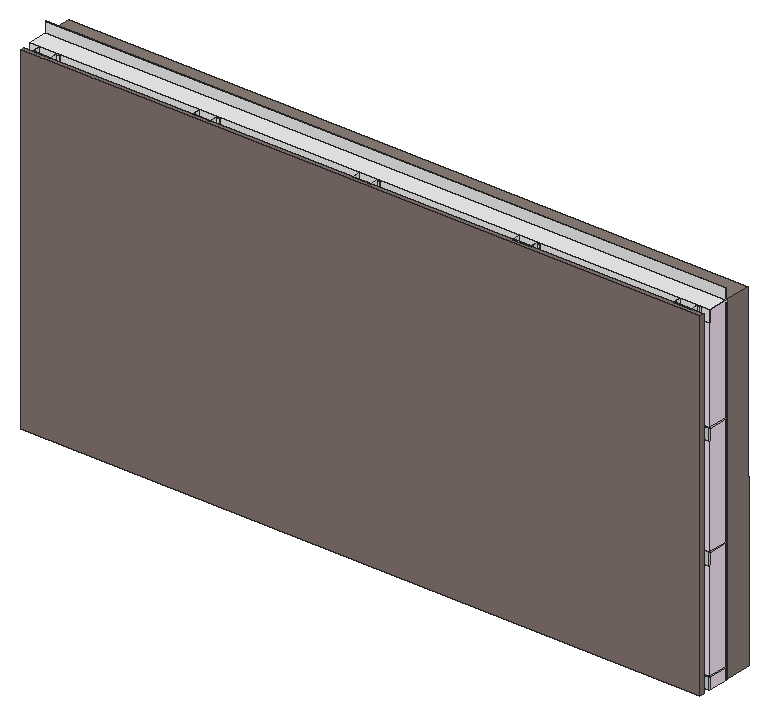
Revit family "Acrytec Panel - Fine Quartz", category Generic Models, Revit 2016
Family settings
  Part Type = Normal
  Can host rebar = No
  Round Connector Dimension = Use Diameter
  Work Plane-Based = No
  Always vertical = Yes
  Cut with Voids When Loaded = No
  Shared = No
  Room Calculation Point = No
Parameters
  panelHeight [instance] = 1220 mm
  Uninsulated Panel Type = not(Insulated Panel Type)  # no
  Insulated Panel Type = yes
  Vertical Girt Spacing [instance] = if(and(PanelWidth > 1799 mm, PanelWidth < 2301 mm), 1, (PanelWidth / 2) / 575 mm) + 1  # 3
  PanelWidth [instance] = 2440 mm
  PanelZGirt [instance] = 75 mm
  PanelThickness [instance] = PanelFinish + PanelZGirt + PanelHatSection  # 115.422 mm
  PanelHatSection [instance] = 25.383 mm
  PanelFinish [instance] = 15.04 mm
  Panel-A-CL-Offset = 382.729 mm
  Horizontal Girt Spacing [instance] = panelHeight / 400 mm  # 3
  Horizontal Girt Length [instance] = PanelWidth  # 2440 mm
  Terracotta = no
  Rustic Red = no
  Raven = no
  Mahogany = yes
  Light Grey = no
  Ivory = no
  Dark Grey = no
  Aqua Blue = no
Reference planes
  plane 1 "Center (Front/Back)": y = 0
  plane 2: z = 0
  plane 3 "Center (Left/Right)": x = 0
  plane 4: y = -75
  plane 5: y = -115.422
  plane 6: z = 1220
  plane 7: y = -100.383
  plane 8: x = -1220
  plane 9: x = 1220
Forms (mm)
  Extrusion 1, solid, material "00 - Fine Quartz_Aqua Blue", visible <- "Aqua Blue"
    sketch origin (0, 0, 0) x (1, 0, 0) y (0, 0, 1)
      loop
        line (-1220, 0) -> (1220, 0) -> (1220, 1220) -> (-1220, 1220) -> (-1220, 0)
    from 100.383 to 115.422
  Extrusion 2, solid, material "2016-31-moisture Membrane", visible <- "Insulated Panel Type"
    sketch origin (0, 0, 0) x (1, 0, 0) y (0, 0, 1)
      loop
        line (-1220, 0) -> (1220, 0) -> (1220, 1220) -> (-1220, 1220) -> (-1220, 0)
    from -1 to 0
  Extrusion 3, solid, material "2016-31-Standard Brick", visible <- "Insulated Panel Type"
    sketch origin (0, 0, 0) x (1, 0, 0) y (0, 0, 1)
      loop
        line (-1220, 0) -> (1220, 0) -> (1220, 1220) -> (-1220, 1220) -> (-1220, 0)
    from -100 to -1
  Extrusion 4, solid, material "00 - Fine Quartz_Dark Grey", visible <- "Dark Grey"
    sketch origin (0, 0, 0) x (1, 0, 0) y (0, 0, 1)
      loop
        line (1220, 0) -> (1220, 1220) -> (-1220, 1220) -> (-1220, 0) -> (1220, 0)
    from 100.383 to 115.422
  Extrusion 5, solid, material "00 - Fine Quartz_Ivory", visible <- "Ivory"
    sketch origin (0, 0, 0) x (1, 0, 0) y (0, 0, 1)
      loop
        line (1220, 0) -> (1220, 1220) -> (-1220, 1220) -> (-1220, 0) -> (1220, 0)
    from 100.383 to 115.422
  Extrusion 6, solid, material "00 - Fine Quartz_Light Grey", visible <- "Light Grey"
    sketch origin (0, 0, 0) x (1, 0, 0) y (0, 0, 1)
      loop
        line (1220, 0) -> (1220, 1220) -> (-1220, 1220) -> (-1220, 0) -> (1220, 0)
    from 100.383 to 115.422
  Extrusion 7, solid, material "00 - Fine Quartz_Mahogany", visible <- "Mahogany"
    sketch origin (0, 0, 0) x (1, 0, 0) y (0, 0, 1)
      loop
        line (1220, 0) -> (1220, 1220) -> (-1220, 1220) -> (-1220, 0) -> (1220, 0)
    from 100.383 to 115.422
  Extrusion 8, solid, material "00 - Fine Quartz_Raven", visible <- "Raven"
    sketch origin (0, 0, 0) x (1, 0, 0) y (0, 0, 1)
      loop
        line (1220, 0) -> (1220, 1220) -> (-1220, 1220) -> (-1220, 0) -> (1220, 0)
    from 100.383 to 115.422
  Extrusion 9, solid, material "00 - Fine Quartz_Rustic Red", visible <- "Rustic Red"
    sketch origin (0, 0, 0) x (1, 0, 0) y (0, 0, 1)
      loop
        line (1220, 0) -> (1220, 1220) -> (-1220, 1220) -> (-1220, 0) -> (1220, 0)
    from 100.383 to 115.422
  Extrusion 10, solid, material "00 - Fine Quartz_Terracotta", visible <- "Terracotta"
    sketch origin (0, 0, 0) x (1, 0, 0) y (0, 0, 1)
      loop
        line (1220, 0) -> (1220, 1220) -> (-1220, 1220) -> (-1220, 0) -> (1220, 0)
    from 100.383 to 115.422
  Extrusion 11, solid, material "2016-31-Galvanized-Aluminum 2014-T4", not visible
    sketch origin (0, 0, 0) x (1, 0, 0) y (0, 1, 0)
      loop
        line (-609.6, -75) -> (-609.6, -100.383) -> (-544.314, -100.383) -> (-544.314, -76) -> (-532.497, -76) -> (-532.497, -75) -> (-545.314, -75) -> (-545.314, -99.383) -> (-608.6, -99.383) -> (-608.6, -75) -> (-609.6, -75)
    from 0 to 2438.4
  Extrusion 12, solid, material "2016-31-Galvanized-Aluminum 2014-T4"
    sketch origin (571.049, 0, 0) x (1, 0, 0) y (0, 1, 0)
      loop
        line (-609.6, -75) -> (-609.6, -100.383) -> (-544.314, -100.383) -> (-544.314, -76) -> (-532.497, -76) -> (-532.497, -75) -> (-545.314, -75) -> (-545.314, -99.383) -> (-608.6, -99.383) -> (-608.6, -75) -> (-609.6, -75)
    from 0 to 1220 <- "panelHeight"
  Extrusion 13, solid, material "2016-31-Galvanized-Aluminum 2014-T4"
    sketch origin (1146.049, 0, 0) x (1, 0, 0) y (0, 1, 0)
      loop
        line (-609.6, -75) -> (-609.6, -100.383) -> (-544.314, -100.383) -> (-544.314, -76) -> (-532.497, -76) -> (-532.497, -75) -> (-545.314, -75) -> (-545.314, -99.383) -> (-608.6, -99.383) -> (-608.6, -75) -> (-609.6, -75)
    from 0 to 1220 <- "panelHeight"
  Extrusion 14, solid, material "2016-31-Galvanized-Aluminum 2014-T4"
    sketch origin (-3.951, 0, 0) x (1, 0, 0) y (0, 1, 0)
      loop
        line (-609.6, -75) -> (-609.6, -100.383) -> (-544.314, -100.383) -> (-544.314, -76) -> (-532.497, -76) -> (-532.497, -75) -> (-545.314, -75) -> (-545.314, -99.383) -> (-608.6, -99.383) -> (-608.6, -75) -> (-609.6, -75)
    from 0 to 1220 <- "panelHeight"
  Extrusion 15, solid, material "2016-31-Rigid Insulation", visible <- "Insulated Panel Type"
    sketch origin (47.064, -614.101, 42.626) x (0, 1, 0) y (-1, 0, 0)
      loop
        line (616.26, 1267.064) -> (542.259, 1267.064) -> (542.259, -1172.936) -> (616.26, -1172.936) -> (616.26, 1267.064)
    from -42.626 to 1177.374
  Extrusion 16, solid, material "2016-31-Galvanized-Aluminum 2014-T4", visible <- "Insulated Panel Type"
    sketch origin (-2162.5, 0, 785) x (0, 1, 0) y (0, 0, 1)
      loop
        line (0, 475) -> (-2.875, 475) -> (-2.875, 437.626) -> (-74.375, 437.626) -> (-74.375, 395) -> (-71.842, 395) -> (-71.842, 435) -> (0, 435) -> (0, 475)
    from 3382.5 to 942.5
  Extrusion 17, solid, material "2016-31-Galvanized-Aluminum 2014-T4", visible <- "Uninsulated Panel Type"
    sketch origin (0, 0, 20) x (0, 1, 0) y (0, 0, 1)
      loop
        line (-99.383, 1180) -> (-96.849, 1180) -> (-96.849, 1200) -> (-74.375, 1200) -> (-74.375, 1222.626) -> (-76.975, 1222.626) -> (-76.975, 1202.626) -> (-99.383, 1202.626) -> (-99.383, 1180)
    from -1220 to 1220
  Extrusion 18, solid, material "2016-31-moisture Membrane", visible <- "Uninsulated Panel Type"
    sketch origin (0, -74.375, 0) x (1, 0, 0) y (0, 0, 1)
      loop
        line (-1220, 0) -> (1220, 0) -> (1220, 1220) -> (-1220, 1220) -> (-1220, 0)
    from -1 to 0
  Extrusion 19, solid, material "2016-31-Standard Brick", visible <- "Uninsulated Panel Type"
    sketch origin (0, -74.375, 0) x (1, 0, 0) y (0, 0, 1)
      loop
        line (-1220, 0) -> (1220, 0) -> (1220, 1220) -> (-1220, 1220) -> (-1220, 0)
    from -100 to -1
  Extrusion 20, solid, material "2016-31-Galvanized-Aluminum 2014-T4"
    sketch origin (1721.049, 0, 0) x (1, 0, 0) y (0, 1, 0)
      loop
        line (-609.6, -75) -> (-609.6, -100.383) -> (-544.314, -100.383) -> (-544.314, -76) -> (-532.497, -76) -> (-532.497, -75) -> (-545.314, -75) -> (-545.314, -99.383) -> (-608.6, -99.383) -> (-608.6, -75) -> (-609.6, -75)
    from 0 to 1220 <- "panelHeight"
  Extrusion 21, solid, material "2016-31-Galvanized-Aluminum 2014-T4"
    sketch origin (-578.951, 0, 0) x (1, 0, 0) y (0, 1, 0)
      loop
        line (-609.6, -75) -> (-609.6, -100.383) -> (-544.314, -100.383) -> (-544.314, -76) -> (-532.497, -76) -> (-532.497, -75) -> (-545.314, -75) -> (-545.314, -99.383) -> (-608.6, -99.383) -> (-608.6, -75) -> (-609.6, -75)
    from 0 to 1220 <- "panelHeight"
Dimensions and locks
  equal spacing: Extrusion 1 sketch curve, plane 3 "Center (Left/Right)", Extrusion 1 sketch curve
  "panelHeight": Extrusion 1 sketch curve to Extrusion 1 sketch curve
  "PanelWidth": Extrusion 1 sketch curve to Extrusion 1 sketch curve
  "panelHeight": plane 6 to level
  "PanelWidth": Extrusion 1 to Extrusion 1
  "PanelFinish": Extrusion 1 to Extrusion 1
  "PanelZGirt": plane 4 to plane 1 "Center (Front/Back)"
  "PanelThickness": plane 5 to plane 1 "Center (Front/Back)"
  "PanelWidth": Extrusion 2 sketch curve to Extrusion 2 sketch curve
  Extrusion 2 sketch curve to Extrusion 2 sketch curve = 1220 mm
  Extrusion 2 sketch curve to Extrusion 2 sketch curve = 2440 mm
  "PanelWidth": Extrusion 3 sketch curve to Extrusion 3 sketch curve
  Extrusion 3 sketch curve to Extrusion 3 sketch curve = 1220 mm
  Extrusion 3 sketch curve to Extrusion 3 sketch curve = 2440 mm
  equal spacing: Extrusion 4 sketch curve, plane 3 "Center (Left/Right)", Extrusion 4 sketch curve
  "panelHeight": Extrusion 4 sketch curve to Extrusion 4 sketch curve
  "PanelWidth": Extrusion 4 sketch curve to Extrusion 4 sketch curve
  equal spacing: Extrusion 5 sketch curve, plane 3 "Center (Left/Right)", Extrusion 5 sketch curve
  "panelHeight": Extrusion 5 sketch curve to Extrusion 5 sketch curve
  "PanelWidth": Extrusion 5 sketch curve to Extrusion 5 sketch curve
  equal spacing: Extrusion 6 sketch curve, plane 3 "Center (Left/Right)", Extrusion 6 sketch curve
  "panelHeight": Extrusion 6 sketch curve to Extrusion 6 sketch curve
  "PanelWidth": Extrusion 6 sketch curve to Extrusion 6 sketch curve
  equal spacing: Extrusion 7 sketch curve, plane 3 "Center (Left/Right)", Extrusion 7 sketch curve
  "panelHeight": Extrusion 7 sketch curve to Extrusion 7 sketch curve
  "PanelWidth": Extrusion 7 sketch curve to Extrusion 7 sketch curve
  equal spacing: Extrusion 8 sketch curve, plane 3 "Center (Left/Right)", Extrusion 8 sketch curve
  "panelHeight": Extrusion 8 sketch curve to Extrusion 8 sketch curve
  "PanelWidth": Extrusion 8 sketch curve to Extrusion 8 sketch curve
  equal spacing: Extrusion 9 sketch curve, plane 3 "Center (Left/Right)", Extrusion 9 sketch curve
  "panelHeight": Extrusion 9 sketch curve to Extrusion 9 sketch curve
  "PanelWidth": Extrusion 9 sketch curve to Extrusion 9 sketch curve
  equal spacing: Extrusion 10 sketch curve, plane 3 "Center (Left/Right)", Extrusion 10 sketch curve
  "panelHeight": Extrusion 10 sketch curve to Extrusion 10 sketch curve
  "PanelWidth": Extrusion 10 sketch curve to Extrusion 10 sketch curve
  equal spacing: plane 9, plane 3 "Center (Left/Right)", plane 8
  "PanelWidth": plane 9 to plane 8
  equal spacing: group 2, group 3, group 8  (x3)
  equal spacing: group 9, group 4, group 2
  equal spacing: group 2, group 4, group 9  (x2)
  equal spacing: group 5, group 6, group 7  (x3)
  Extrusion 2 to Extrusion 15 = 1220 mm
  "PanelWidth": Extrusion 18 sketch curve to Extrusion 18 sketch curve
  Extrusion 18 sketch curve to Extrusion 18 sketch curve = 1220 mm
  Extrusion 18 sketch curve to Extrusion 18 sketch curve = 2440 mm
  "PanelWidth": Extrusion 19 sketch curve to Extrusion 19 sketch curve
  Extrusion 19 sketch curve to Extrusion 19 sketch curve = 1220 mm
  Extrusion 19 sketch curve to Extrusion 19 sketch curve = 2440 mm
  aligned and locked: Extrusion 1 to plane 5
  aligned and locked: Extrusion 1 to plane 2
  aligned and locked: Extrusion 3 to Extrusion 2
  aligned and locked: Extrusion 3 to plane 2
  aligned and locked: Extrusion 1 to Extrusion 3
  aligned and locked: Extrusion 3 to Extrusion 1
  aligned and locked: Extrusion 1 to Extrusion 2
  aligned and locked: Extrusion 2 to plane 2
  aligned and locked: Extrusion 2 to Extrusion 1
  aligned and locked: plane 2 to level
  aligned and locked: plane 6 to Extrusion 3
  aligned and locked: plane 6 to Extrusion 2
  aligned and locked: plane 3 "Center (Left/Right)" to nested 1
  aligned and locked: nested 1 to plane 1 "Center (Front/Back)"
  aligned and locked: Extrusion 1 to Extrusion 15
  aligned and locked: Extrusion 15 to level
  aligned and locked: Extrusion 15 to Extrusion 1  (x2)
  aligned and locked: Extrusion 16 to Extrusion 1  (x2)
  aligned and locked: Extrusion 17 to Extrusion 1  (x2)
  aligned and locked: Extrusion 1 to Extrusion 17
  aligned and locked: Extrusion 19 to Extrusion 18
  aligned and locked: Extrusion 19 to level
  aligned and locked: Extrusion 18 to level
  aligned and locked: Extrusion 19 to Extrusion 1
  aligned and locked: Extrusion 18 to Extrusion 1
  aligned and locked: plane 6 to Extrusion 19
Automatic sketch dimensions
  Extrusion 11 sketch curve to Extrusion 11 sketch curve = 1 mm  (x4)
  Extrusion 11 sketch curve to Extrusion 11 sketch curve = 63.286 mm
  Extrusion 11 sketch curve to Extrusion 11 sketch curve = 11.817 mm
  Extrusion 11 sketch curve to Extrusion 11 sketch curve = 23.383 mm
  Extrusion 11 sketch curve to Extrusion 11 sketch curve = 24.383 mm
  Extrusion 12 sketch curve to Extrusion 12 sketch curve = 1 mm  (x4)
  Extrusion 12 sketch curve to Extrusion 12 sketch curve = 63.286 mm
  Extrusion 12 sketch curve to Extrusion 12 sketch curve = 11.817 mm
  Extrusion 12 sketch curve to Extrusion 12 sketch curve = 23.383 mm
  Extrusion 12 sketch curve to Extrusion 12 sketch curve = 24.383 mm
  Extrusion 13 sketch curve to Extrusion 13 sketch curve = 1 mm  (x4)
  Extrusion 13 sketch curve to Extrusion 13 sketch curve = 63.286 mm
  Extrusion 13 sketch curve to Extrusion 13 sketch curve = 11.817 mm
  Extrusion 13 sketch curve to Extrusion 13 sketch curve = 23.383 mm
  Extrusion 13 sketch curve to Extrusion 13 sketch curve = 24.383 mm
  Extrusion 14 sketch curve to Extrusion 14 sketch curve = 1 mm  (x4)
  Extrusion 14 sketch curve to Extrusion 14 sketch curve = 63.286 mm
  Extrusion 14 sketch curve to Extrusion 14 sketch curve = 11.817 mm
  Extrusion 14 sketch curve to Extrusion 14 sketch curve = 23.383 mm
  Extrusion 14 sketch curve to Extrusion 14 sketch curve = 24.383 mm
  Extrusion 15 sketch curve to plane 9 = 0 mm
  Extrusion 15 sketch curve to plane 8 = 0 mm
  plane 4 to Extrusion 15 sketch curve = 3.159 mm
  Extrusion 15 sketch curve to plane 1 "Center (Front/Back)" = 2.159 mm
  Extrusion 16 sketch curve to plane 6 = 0 mm
  Extrusion 16 sketch curve to plane 1 "Center (Front/Back)" = 0 mm
  plane 1 "Center (Front/Back)" to Extrusion 16 sketch curve = 2.875 mm
  plane 4 to Extrusion 16 sketch curve = 3.158 mm
  plane 4 to Extrusion 16 sketch curve = 0.625 mm
  Extrusion 16 sketch curve to Extrusion 16 sketch curve = 40 mm
  plane 6 to Extrusion 16 sketch curve = 2.626 mm
  Extrusion 16 sketch curve to Extrusion 16 sketch curve = 37.374 mm
  Extrusion 17 sketch curve to plane 6 = 0 mm
  plane 7 to Extrusion 17 sketch curve = 1 mm
  Extrusion 17 sketch curve to Extrusion 17 sketch curve = 2.534 mm
  Extrusion 17 sketch curve to plane 4 = 1.975 mm
  plane 4 to Extrusion 17 sketch curve = 0.625 mm
  Extrusion 17 sketch curve to plane 6 = 20 mm
  plane 6 to Extrusion 17 sketch curve = 2.626 mm
  Extrusion 17 sketch curve to Extrusion 17 sketch curve = 20 mm
  Extrusion 20 sketch curve to Extrusion 20 sketch curve = 1 mm  (x4)
  Extrusion 20 sketch curve to Extrusion 20 sketch curve = 63.286 mm
  Extrusion 20 sketch curve to Extrusion 20 sketch curve = 11.817 mm
  Extrusion 20 sketch curve to Extrusion 20 sketch curve = 23.383 mm
  Extrusion 20 sketch curve to Extrusion 20 sketch curve = 24.383 mm
  Extrusion 21 sketch curve to Extrusion 21 sketch curve = 1 mm  (x4)
  Extrusion 21 sketch curve to Extrusion 21 sketch curve = 63.286 mm
  Extrusion 21 sketch curve to Extrusion 21 sketch curve = 11.817 mm
  Extrusion 21 sketch curve to Extrusion 21 sketch curve = 23.383 mm
  Extrusion 21 sketch curve to Extrusion 21 sketch curve = 24.383 mm
  Extrusion 1 sketch curve to level = 0 mm
  Extrusion 2 sketch curve to plane 6 = 0 mm
  Extrusion 2 sketch curve to plane 8 = 0 mm
  Extrusion 3 sketch curve to plane 6 = 0 mm
  Extrusion 3 sketch curve to plane 8 = 0 mm
  Extrusion 4 sketch curve to level = 0 mm
  Extrusion 5 sketch curve to level = 0 mm
  Extrusion 6 sketch curve to level = 0 mm
  Extrusion 7 sketch curve to level = 0 mm
  Extrusion 8 sketch curve to level = 0 mm
  Extrusion 9 sketch curve to level = 0 mm
  Extrusion 10 sketch curve to level = 0 mm
  Extrusion 18 sketch curve to plane 6 = 0 mm
  Extrusion 18 sketch curve to plane 8 = 0 mm
  Extrusion 19 sketch curve to plane 6 = 0 mm
  Extrusion 19 sketch curve to plane 8 = 0 mm
Nested families
  nested 1: "Horizontal Girt Nested Array" at (0, -37.5, 0), Girt Length <- "PanelWidth", visible <- "Insulated Panel Type", type "Horizontal Girt Nested Array"
    with Girt Length 2440 mm
  nested 2: "Horizontal Girt Nested Array" at (0, -37.5, 400), Girt Length <- "PanelWidth", visible <- "Insulated Panel Type", type "Horizontal Girt Nested Array"
    with Girt Length 2440 mm
  nested 3: "Horizontal Girt Nested Array" at (0, -37.5, 800), Girt Length <- "PanelWidth", visible <- "Insulated Panel Type", type "Horizontal Girt Nested Array"
    with Girt Length 2440 mm
Definition of nested family "Horizontal Girt Nested Array"
  Parameters (values of type "Horizontal Girt Nested Array")
    Girt Length [instance] = 500 mm
  Reference planes
    plane 1 "Center (Front/Back)": y = 0
    plane 2: z = 0
    plane 3 "Center (Left/Right)": x = 0
    plane 4: x = -250
    plane 5: x = 250
    plane 6: z = 3500
  Dimensions and locks
    equal spacing: plane 4, plane 3 "Center (Left/Right)", plane 5
    plane 6 to level = 3500 mm
    "Girt Length": plane 4 to plane 5
    plane 4 to plane 5 = 500 mm
    aligned and locked: level to plane 2
    aligned and locked: plane 4 to nested 1
    aligned and locked: plane 5 to nested 1
  Nested families
    nested 1: "Horizontal Girt" at (0, 0, 0), type "Horizontal Girt"
      with Girt Length 500 mm
  Definition of nested family "Horizontal Girt"
    Parameters (values of type "Horizontal Girt")
      Girt Length [instance] = 4000 mm
    Reference planes
      plane 1 "Center (Front/Back)": y = 0
      plane 2: z = 0
      plane 3 "Center (Left/Right)": x = 0
      plane 4: x = -2000
      plane 5: x = 2000
    Forms (mm)
      Extrusion 1, solid
        sketch origin (0, 0, 0) x (0, 1, 0) y (0, 0, 1)
          loop
            line (-37.5, 43) -> (-37.5, 0) -> (-34.5, 0) -> (-34.5, 40) -> (37.5, 40) -> (37.5, 80) -> (34.5, 80) -> (34.5, 43) -> (-37.5, 43)
        from -2000 to 2000
    Dimensions and locks
      equal spacing: plane 4, plane 3 "Center (Left/Right)", plane 5
      "Girt Length": plane 4 to plane 5
      aligned and locked: level to plane 2
      aligned and locked: Extrusion 1 to plane 4
      aligned and locked: plane 5 to Extrusion 1
    Automatic sketch dimensions
      Extrusion 1 sketch curve to Extrusion 1 sketch curve = 3 mm  (x3)
      Extrusion 1 sketch curve to level = 0 mm
      Extrusion 1 sketch curve to Extrusion 1 sketch curve = 37 mm
      plane 1 "Center (Front/Back)" to Extrusion 1 sketch curve = 37.5 mm
      Extrusion 1 sketch curve to plane 1 "Center (Front/Back)" = 34.5 mm
      level to Extrusion 1 sketch curve = 40 mm
